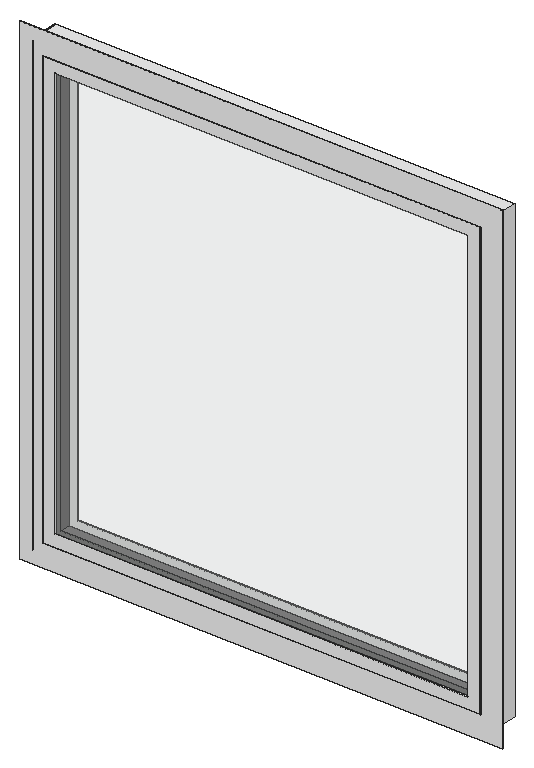
Revit family "Casement_38_C_Side_Hung_Standard", category Windows, host Wall, Revit 2014
Parameters (values of type "Casement_Sash_DG")
  Width Sash [instance] = 30 mm
  Width Sash Inner = 15 mm
  Width Bead = 15 mm
  Top Hung [instance] = yes
  Side Hung Right [instance] = yes
  Side Hung Left [instance] = yes
  Sash Opening Width [instance] = 600 mm
  Sash Opening Height [instance] = 600.312 mm
  Sash Lip = 15 mm
  Glazing Material [instance] = Glass
  DG Start Piece 2 [instance] = DG End Piece 1 + DG Gasket Thickness  # 25 mm
  DG Start Peice 1 [instance] = (Depth Sash - (2 * DG Glazing Thickness) - DG Gasket Thickness) / 2  # 6.6 mm
  Glazing Offset = 5 mm
  DG Glazing Thickness [instance] = 6.4 mm
  DG Gasket Thickness = 12 mm  # constant formula
  DG Gasket Material [instance] = Double Glazing Gasket Material
  DG End Piece 2 [instance] = DG Start Piece 2 + DG Glazing Thickness  # 31.4 mm
  DG End Piece 1 [instance] = DG Start Peice 1 + DG Glazing Thickness  # 13 mm
  Depth Sash [instance] = 38 mm
  Center Vertical Sash [instance] = Sash Opening Height / 2  # 300.156 mm
  Center Horizontal Sash [instance] = Sash Opening Width / 2  # 300 mm
  Bottom Hung [instance] = yes
  Bead Offset = 15 mm
  Aluminium Thickness = 1 mm
  Aluminium Material [instance] = White Powder Coated Aluminium
Reference planes
  plane 1 "Center (Front/Back)": y = 0
  plane 2: z = 0
  plane 3 "Center (Left/Right)": x = 0
Forms (mm)
  Sweep 1, solid, material "White Powder Coated Aluminium" <- "Aluminium Material"
    path origin (16.177, 0, 121.331) x (1, 0, 0) y (0, 0, 1)
      loop
        line (0, 0) -> (600, 0) -> (600, 600.312) -> (0, 600.312) -> (0, 0)
    profile origin (316.177, 0, 121.331) x (0, 0, 1) y (0, -1, 0)
      loop
        line (0, 0) -> (30, 0) -> (30, 1) -> (15, 1) -> (15, 38) -> (-15, 38) -> (-15, 37) -> (0, 37) -> (0, 0)
      loop
        line (14, 1) -> (14, 37) -> (1, 37) -> (1, 1) -> (14, 1)
  Sweep 2, solid, material "White Powder Coated Aluminium" <- "Aluminium Material"
    path origin (0, 0, 0) x (1, 0, 0) y (0, 0, 1)
      loop
        line (31.177, 706.643) -> (31.177, 136.331) -> (601.177, 136.331) -> (601.177, 706.643) -> (31.177, 706.643)
    profile origin (316.177, 0, 706.643) x (0, 0, 1) y (0, -1, 0)
      loop
        line (0, 37) -> (0, 38) -> (-15, 38) -> (-15, 37) -> (0, 37)
  Extrusion 3, solid, material "Glass" <- "Glazing Material"
    sketch origin (0, 0, 0) x (1, 0, 0) y (0, 0, 1)
      loop
        line (36.177, 701.643) -> (36.177, 141.331) -> (596.177, 141.331) -> (596.177, 701.643) -> (36.177, 701.643)
    from 6.6 <- "DG Start Peice 1" to 13 <- "DG End Piece 1"
  Extrusion 4, solid, material "Glass" <- "Glazing Material"
    sketch origin (0, 0, 0) x (1, 0, 0) y (0, 0, 1)
      loop
        line (36.177, 701.643) -> (36.177, 141.331) -> (596.177, 141.331) -> (596.177, 701.643) -> (36.177, 701.643)
    from 31.4 <- "DG End Piece 2" to 25 <- "DG Start Piece 2"
  Sweep 5, solid, material "Double Glazing Gasket Material" <- "DG Gasket Material"
    path origin (0, -13, 0) x (1, 0, 0) y (0, 0, 1)
      loop
        line (36.177, 701.643) -> (36.177, 141.331) -> (596.177, 141.331) -> (596.177, 701.643) -> (36.177, 701.643)
    profile origin (316.177, -13, 701.643) x (0, 0, 1) y (0, -1, 0)
      loop
        line (0, 0) -> (0, 12) -> (-7.96, 12) -> (-7.96, 0) -> (0, 0)
Lines and regions (mm)
  model lines
    curve 1: line (1.177, -38, 736.643) -> (31.177, -38, 706.643)
    curve 2: line (601.177, -38, 706.643) -> (631.177, -38, 736.643)
    curve 3: line (601.177, -38, 136.331) -> (631.177, -38, 106.331)
    curve 4: line (1.177, -38, 106.331) -> (31.177, -38, 136.331)
    curve 5: line (631.177, -37, 736.643) -> (616.177, -37, 721.643)
    curve 6: line (1.177, -37, 736.643) -> (16.177, -37, 721.643)
    curve 7: line (1.177, -37, 106.331) -> (16.177, -37, 121.331)
    curve 8: line (631.177, -37, 106.331) -> (616.177, -37, 121.331)
    curve 9: line (616.177, 0, 121.331) -> (586.177, 0, 151.331)
    curve 10: line (46.177, 0, 151.331) -> (16.177, 0, 121.331)
    curve 11: line (616.177, 0, 721.643) -> (586.177, 0, 691.643)
    curve 12: line (46.177, 0, 691.643) -> (16.177, 0, 721.643)
    curve 13: line (31.177, -38, 691.643) -> (46.177, -38, 691.643)
    curve 14: line (586.177, -38, 691.643) -> (601.177, -38, 691.643)
    curve 15: line (586.177, -38, 151.331) -> (601.177, -38, 151.331)
    curve 16: line (31.177, -38, 151.331) -> (46.177, -38, 151.331)
  model lines, style "GenericModelHiddenLines", visible <- "Top Hung"
    curve 17: line (46.386, -31.4, 690.914) -> (316.177, -31.4, 151.331)
    curve 18: line (316.177, -31.4, 151.331) -> (586.177, -31.4, 691.331)
  model lines, style "GenericModelHiddenLines", visible <- "Bottom Hung"
    curve 19: line (46.177, -31.4, 151.331) -> (316.177, -31.4, 691.331)
    curve 20: line (316.177, -31.4, 691.331) -> (586.177, -31.4, 151.331)
  model lines, style "GenericModelHiddenLines", visible <- "Side Hung Left"
    curve 21: line (46.386, -31.4, 690.914) -> (585.24, -31.4, 421.487)
    curve 22: line (585.24, -31.4, 421.487) -> (46.177, -31.4, 151.331)
  model lines, style "GenericModelHiddenLines", visible <- "Side Hung Right"
    curve 23: line (586.177, -31.4, 691.331) -> (46.177, -31.4, 421.487)
    curve 24: line (46.177, -31.4, 421.487) -> (586.177, -31.4, 151.331)
Dimensions and locks
  "Aluminium Thickness": Sweep 1 sketch curve to Sweep 1 sketch curve  (x4)
  "Depth Sash": Sweep 1 sketch curve to Sweep 1 sketch curve
  "Sash Opening Width": Sweep 1 to Sweep 1
  "Sash Opening Height": Sweep 1 to Sweep 1
  "Width Sash": Sweep 1 sketch curve to Sweep 1 sketch curve  (x2)
  "Width Sash Inner": Sweep 1 sketch curve to Sweep 1 sketch curve
  "Sash Lip": Sweep 1 sketch curve to Sweep 1 sketch curve
  "Aluminium Thickness": Sweep 1 to Sweep 2 sketch curve
  "Glazing Offset": Sweep 2 to Extrusion 3 sketch curve  (x3)
  "Glazing Offset": Extrusion 3 sketch curve to Sweep 2
  Sweep 1 to Sweep 1 = 1 mm
  "Aluminium Thickness": Sweep 2 sketch curve to Sweep 2 sketch curve
  "Width Bead": Sweep 2 sketch curve to Sweep 2 sketch curve
  locked: Sweep 5 sketch curve to Sweep 5 sketch curve at 7.96
  "Center Horizontal Sash": Sweep 1 to curve 18
  "Center Horizontal Sash": Sweep 1 to curve 20
  "Center Vertical Sash": Sweep 1 to curve 22
  "Center Vertical Sash": Sweep 1 to curve 24
  aligned and locked: level to plane 2
  aligned and locked: Sweep 1 sketch curve to Sweep 1 sketch curve  (x2)
  aligned and locked: Sweep 2 sketch curve to Sweep 1  (x5)
  aligned and locked: Extrusion 4 sketch curve to Extrusion 3  (x4)
  aligned and locked: Sweep 5 sketch curve to Extrusion 3  (x5)
  aligned and locked: Extrusion 3 to Sweep 5 sketch curve
Automatic sketch dimensions
  plane 3 "Center (Left/Right)" to Sweep 1 sketch curve = 16.177 mm
  level to Sweep 1 sketch curve = 121.331 mm
  plane 3 "Center (Left/Right)" to Sweep 1 sketch curve = 616.177 mm
  level to Sweep 1 sketch curve = 721.643 mm
  profile plane to Sweep 5 sketch curve = 12 mm
  curve 7 to Sweep 1 = 0 mm  (x4)
  curve 6 to Sweep 1 = 0 mm  (x3)
  Sweep 1 to curve 6 = 0 mm
  curve 5 to Sweep 1 = 0 mm  (x3)
  curve 8 to Sweep 1 = 0 mm  (x4)
  Sweep 1 to curve 5 = 0 mm
  curve 16 to Sweep 2 = 0 mm  (x3)
  curve 13 to Sweep 2 = 0 mm  (x3)
  curve 15 to Sweep 2 = 0 mm
  Sweep 2 to curve 15 = 0 mm  (x2)
  curve 14 to Sweep 2 = 0 mm  (x2)
  Sweep 2 to curve 14 = 0 mm
  curve 1 to Sweep 1 = 0 mm  (x4)
  curve 4 to Sweep 1 = 0 mm  (x3)
  Sweep 1 to curve 4 = 0 mm
  curve 3 to Sweep 1 = 0 mm  (x3)
  curve 2 to Sweep 1 = 0 mm  (x4)
  Sweep 1 to curve 3 = 0 mm
  curve 10 to Sweep 1 = 0 mm  (x4)
  curve 12 to Sweep 1 = 0 mm  (x3)
  Sweep 1 to curve 12 = 0 mm
  curve 9 to Sweep 1 = 0 mm  (x4)
  curve 11 to Sweep 1 = 0 mm  (x3)
  Sweep 1 to curve 11 = 0 mm
  Sweep 1 sketch curve to plane 1 "Center (Front/Back)" = 0 mm
  profile plane to Sweep 1 sketch curve = 0 mm
  curve 21 to Extrusion 4 = 10.208 mm
  curve 19 to Extrusion 4 = 10 mm
  curve 23 to Extrusion 4 = 10 mm  (x2)
  curve 22 to Extrusion 4 = 10.937 mm
  curve 20 to Extrusion 4 = 10 mm
  curve 24 to Extrusion 4 = 10 mm
  curve 22 to Extrusion 4 = 10 mm
  curve 18 to Extrusion 4 = 10 mm
  curve 21 to Extrusion 4 = 10.729 mm
  curve 19 to Extrusion 4 = 10.312 mm
  curve 18 to Extrusion 4 = 10.312 mm
Types in the file's own list only (12): name | Windload Design | Width Sash Right Opening | Width Sash Right | Width Sash Left Opening | Width Sash Left | Width Profile | Width Fixed Panel Center | Width | URL | Standard Mullion Different | Offset Window Exterior | Offset Mullion Right Side | Max System DG Unit Thickness | Max System DG One Piece Thickness | Max Pane Area | Intruderprufe U Value | Intruderprufe SHGC Value | Intruderprufe LowE U Value | Intruderprufe LowE SHGC Value | Intruderprufe Insulated U Value | Intruderprufe Insulated SHGC Value | Intruderprufe Insulated LowE U Value | Intruderprufe Insulated LowE SHGC Value | Height Sash Opening | Height | Energy Advantage U Value | Energy Advantage SHGC Value | DG Thickness Calc | Custom Window Width | Custom Window Height | Window Exterior Offset | Custom Windload | Custom Sash Right Width | Custom Sash Left Width | Sash Height | Side Hung Right | Sash Spacing Inner | Sash Overlap | Sash Center Offset | SG Gasket Thickness | Offset Sash Side | Offset Sash Top | Offset Fixed Panel Left | Offset Mullion Left Side | Offset Bead Center Reversed | Model | Manufacturer | Limit Window Width Min | Limit Window Width Max | Limit Window Height Min | Limit Window Height Max | Limit Sash Width Min | Limit Sash Width Max | Limit Sash Height Min | Limit Sash Height Max | Limit Fixed Pane Width Min | Limit Fixed Pane Width Max | Length Mullion | Height Sash | Height Fixed Panel Center | Description | Depth Mullion | Frame Center Offset | Depth Bead | Default Sill Height | Wall Closure | DG Gasket Finish | DG Extrusion Start | Mullion Depth Windload Based | Corrected Mullion Size | Clearvue SHGC Value | Clearvue Insulated U Value | Clearvue Insulated SHGC Value | Clearvue Insulated LowE U Value | Clearvue Insulated LowE SHGC Value | Casement Dimension | Bead SG Gap | Area Pane Right | Area Pane Middle | Area Pane Left
  38-1809SS-1000Pa | 1000 mm | 524 mm | 554 mm | 524 mm | 554 mm | 30 mm | 590 mm | 1790 mm | "http://www.crealco.co.za/crealco-products.php" | 0 mm | 19 mm | 570 mm | 25 mm | 6 mm | 0.48 m² | 6.08 | 0.599 | 4.55 | 0.518 | 3.9 | 0.5 | 3.4 | 0.456 | 844 mm | 890 mm | 4.67 | 0.554 | 4 mm | 1790 mm | 890 mm | 0 mm | 1000 mm | 554 mm | 554 mm | 845 mm | No | 8 mm | 7 mm | 16 mm | 6 mm | 23 mm | 23 mm | 600 mm | 570 mm | 19 mm | "Casement 38" | "Crealco" | 1400 mm | 2700 mm | 346 mm | 1546 mm | 300 mm | 700 mm | 300 mm | 1500 mm | 200 mm | 1500 mm | 890 mm | 814 mm | 830 mm | "Window 38mm, Type C side hung" | 39 mm | 19 mm | 24 mm | 800 mm | By host | Double Glazing Gasket Material | 9 mm | 39 mm | 0 mm | 0.617 | 4 | 0.541 | 3.48 | 0.492 | 38 mm | 13 mm | 0.35 m² | 0.48 m² | 0.35 m²
  38-1809SS-1500Pa | 1500 mm | 524 mm | 554 mm | 524 mm | 554 mm | 30 mm | 590 mm | 1790 mm | "http://www.crealco.co.za/crealco-products.php" | 0 mm | 19 mm | 570 mm | 25 mm | 6 mm | 0.48 m² | 6.08 | 0.599 | 4.55 | 0.518 | 3.9 | 0.5 | 3.4 | 0.456 | 844 mm | 890 mm | 4.67 | 0.554 | 4 mm | 1790 mm | 890 mm | 0 mm | 1500 mm | 554 mm | 554 mm | 845 mm | No | 8 mm | 7 mm | 16 mm | 6 mm | 23 mm | 23 mm | 600 mm | 570 mm | 19 mm | "Casement 38" | "Crealco" | 1400 mm | 2700 mm | 346 mm | 1546 mm | 300 mm | 700 mm | 300 mm | 1500 mm | 200 mm | 1500 mm | 890 mm | 814 mm | 830 mm | "Window 38mm, Type C side hung" | 39 mm | 19 mm | 24 mm | 800 mm | By host | Double Glazing Gasket Material | 9 mm | 39 mm | 0 mm | 0.617 | 4 | 0.541 | 3.48 | 0.492 | 38 mm | 13 mm | 0.35 m² | 0.48 m² | 0.35 m²
  38-1809SS-2000Pa | 2000 mm | 524 mm | 554 mm | 524 mm | 554 mm | 30 mm | 590 mm | 1790 mm | "http://www.crealco.co.za/crealco-products.php" | 0 mm | 19 mm | 570 mm | 25 mm | 6 mm | 0.48 m² | 6.08 | 0.599 | 4.55 | 0.518 | 3.9 | 0.5 | 3.4 | 0.456 | 844 mm | 890 mm | 4.67 | 0.554 | 4 mm | 1790 mm | 890 mm | 0 mm | 2000 mm | 554 mm | 554 mm | 845 mm | No | 8 mm | 7 mm | 16 mm | 6 mm | 23 mm | 23 mm | 600 mm | 570 mm | 19 mm | "Casement 38" | "Crealco" | 1400 mm | 2700 mm | 346 mm | 1546 mm | 300 mm | 700 mm | 300 mm | 1500 mm | 200 mm | 1500 mm | 890 mm | 814 mm | 830 mm | "Window 38mm, Type C side hung" | 39 mm | 19 mm | 24 mm | 800 mm | By host | Double Glazing Gasket Material | 9 mm | 39 mm | 0 mm | 0.617 | 4 | 0.541 | 3.48 | 0.492 | 38 mm | 13 mm | 0.35 m² | 0.48 m² | 0.35 m²
  38-2409SS-1000Pa | 1000 mm | 524 mm | 554 mm | 524 mm | 554 mm | 30 mm | 1190 mm | 2390 mm | "http://www.crealco.co.za/crealco-products.php" | 0 mm | 19 mm | 570 mm | 25 mm | 6 mm | 0.97 m² | 6.02 | 0.629 | 4.4 | 0.548 | 3.71 | 0.531 | 3.16 | 0.482 | 844 mm | 890 mm | 4.51 | 0.586 | 4 mm | 2390 mm | 890 mm | 0 mm | 1000 mm | 554 mm | 554 mm | 845 mm | No | 8 mm | 7 mm | 16 mm | 6 mm | 23 mm | 23 mm | 600 mm | 570 mm | 19 mm | "Casement 38" | "Crealco" | 1400 mm | 2700 mm | 346 mm | 1546 mm | 300 mm | 700 mm | 300 mm | 1500 mm | 200 mm | 1500 mm | 890 mm | 814 mm | 830 mm | "Window 38mm, Type C side hung" | 39 mm | 19 mm | 24 mm | 800 mm | By host | Double Glazing Gasket Material | 9 mm | 39 mm | 0 mm | 0.654 | 3.8 | 0.573 | 3.23 | 0.522 | 38 mm | 13 mm | 0.35 m² | 0.97 m² | 0.35 m²
  38-2409SS-1500Pa | 1500 mm | 524 mm | 554 mm | 524 mm | 554 mm | 30 mm | 1190 mm | 2390 mm | "http://www.crealco.co.za/crealco-products.php" | 0 mm | 19 mm | 570 mm | 25 mm | 6 mm | 0.97 m² | 6.02 | 0.629 | 4.4 | 0.548 | 3.71 | 0.531 | 3.16 | 0.482 | 844 mm | 890 mm | 4.51 | 0.586 | 4 mm | 2390 mm | 890 mm | 0 mm | 1500 mm | 554 mm | 554 mm | 845 mm | No | 8 mm | 7 mm | 16 mm | 6 mm | 23 mm | 23 mm | 600 mm | 570 mm | 19 mm | "Casement 38" | "Crealco" | 1400 mm | 2700 mm | 346 mm | 1546 mm | 300 mm | 700 mm | 300 mm | 1500 mm | 200 mm | 1500 mm | 890 mm | 814 mm | 830 mm | "Window 38mm, Type C side hung" | 39 mm | 19 mm | 24 mm | 800 mm | By host | Double Glazing Gasket Material | 9 mm | 39 mm | 0 mm | 0.654 | 3.8 | 0.573 | 3.23 | 0.522 | 38 mm | 13 mm | 0.35 m² | 0.97 m² | 0.35 m²
  38-2409SS-2000Pa | 2000 mm | 524 mm | 554 mm | 524 mm | 554 mm | 30 mm | 1190 mm | 2390 mm | "http://www.crealco.co.za/crealco-products.php" | 0 mm | 19 mm | 570 mm | 25 mm | 6 mm | 0.97 m² | 6.02 | 0.629 | 4.4 | 0.548 | 3.71 | 0.531 | 3.16 | 0.482 | 844 mm | 890 mm | 4.51 | 0.586 | 4 mm | 2390 mm | 890 mm | 0 mm | 2000 mm | 554 mm | 554 mm | 845 mm | No | 8 mm | 7 mm | 16 mm | 6 mm | 23 mm | 23 mm | 600 mm | 570 mm | 19 mm | "Casement 38" | "Crealco" | 1400 mm | 2700 mm | 346 mm | 1546 mm | 300 mm | 700 mm | 300 mm | 1500 mm | 200 mm | 1500 mm | 890 mm | 814 mm | 830 mm | "Window 38mm, Type C side hung" | 39 mm | 19 mm | 24 mm | 800 mm | By host | Double Glazing Gasket Material | 9 mm | 39 mm | 0 mm | 0.654 | 3.8 | 0.573 | 3.23 | 0.522 | 38 mm | 13 mm | 0.35 m² | 0.97 m² | 0.35 m²
  38-1812SS-1000Pa | 1000 mm | 524 mm | 554 mm | 524 mm | 554 mm | 30 mm | 590 mm | 1790 mm | "http://www.crealco.co.za/crealco-products.php" | 0 mm | 19 mm | 570 mm | 25 mm | 6 mm | 0.65 m² | 6.06 | 0.621 | 4.47 | 0.537 | 3.79 | 0.519 | 3.26 | 0.472 | 1144 mm | 1190 mm | 4.58 | 0.575 | 4 mm | 1790 mm | 1190 mm | 0 mm | 1000 mm | 554 mm | 554 mm | 1145 mm | No | 8 mm | 7 mm | 16 mm | 6 mm | 23 mm | 23 mm | 600 mm | 570 mm | 19 mm | "Casement 38" | "Crealco" | 1400 mm | 2700 mm | 346 mm | 1546 mm | 300 mm | 700 mm | 300 mm | 1500 mm | 200 mm | 1500 mm | 1190 mm | 1114 mm | 1130 mm | "Window 38mm, Type C side hung" | 39 mm | 19 mm | 24 mm | 800 mm | By host | Double Glazing Gasket Material | 9 mm | 39 mm | 0 mm | 0.641 | 3.88 | 0.561 | 3.34 | 0.511 | 38 mm | 13 mm | 0.49 m² | 0.65 m² | 0.49 m²
  38-1812SS-1500Pa | 1500 mm | 524 mm | 554 mm | 524 mm | 554 mm | 30 mm | 590 mm | 1790 mm | "http://www.crealco.co.za/crealco-products.php" | 0 mm | 19 mm | 570 mm | 25 mm | 6 mm | 0.65 m² | 6.06 | 0.621 | 4.47 | 0.537 | 3.79 | 0.519 | 3.26 | 0.472 | 1144 mm | 1190 mm | 4.58 | 0.575 | 4 mm | 1790 mm | 1190 mm | 0 mm | 1500 mm | 554 mm | 554 mm | 1145 mm | No | 8 mm | 7 mm | 16 mm | 6 mm | 23 mm | 23 mm | 600 mm | 570 mm | 19 mm | "Casement 38" | "Crealco" | 1400 mm | 2700 mm | 346 mm | 1546 mm | 300 mm | 700 mm | 300 mm | 1500 mm | 200 mm | 1500 mm | 1190 mm | 1114 mm | 1130 mm | "Window 38mm, Type C side hung" | 39 mm | 19 mm | 24 mm | 800 mm | By host | Double Glazing Gasket Material | 9 mm | 39 mm | 0 mm | 0.641 | 3.88 | 0.561 | 3.34 | 0.511 | 38 mm | 13 mm | 0.49 m² | 0.65 m² | 0.49 m²
  38-1812SS-2000Pa | 2000 mm | 524 mm | 554 mm | 524 mm | 554 mm | 30 mm | 590 mm | 1790 mm | "http://www.crealco.co.za/crealco-products.php" | 1 mm | 19 mm | 570 mm | 25 mm | 6 mm | 0.65 m² | 6.06 | 0.621 | 4.47 | 0.537 | 3.79 | 0.519 | 3.26 | 0.472 | 1144 mm | 1190 mm | 4.58 | 0.575 | 4 mm | 1790 mm | 1190 mm | 0 mm | 2000 mm | 554 mm | 554 mm | 1145 mm | No | 8 mm | 7 mm | 16 mm | 6 mm | 23 mm | 23 mm | 600 mm | 570 mm | 19 mm | "Casement 38" | "Crealco" | 1400 mm | 2700 mm | 346 mm | 1546 mm | 300 mm | 700 mm | 300 mm | 1500 mm | 200 mm | 1500 mm | 1190 mm | 1114 mm | 1130 mm | "Window 38mm, Type C side hung" | 39 mm | 19 mm | 24 mm | 800 mm | By host | Double Glazing Gasket Material | 9 mm | 39 mm | 39 mm | 0.641 | 3.88 | 0.561 | 3.34 | 0.511 | 38 mm | 13 mm | 0.49 m² | 0.65 m² | 0.49 m²
  38-2412SS-1000Pa | 1000 mm | 524 mm | 554 mm | 524 mm | 554 mm | 30 mm | 1190 mm | 2390 mm | "http://www.crealco.co.za/crealco-products.php" | 0 mm | 19 mm | 570 mm | 25 mm | 6 mm | 1.32 m² | 6 | 0.651 | 4.32 | 0.566 | 3.59 | 0.549 | 3.02 | 0.498 | 1144 mm | 1190 mm | 4.42 | 0.606 | 4 mm | 2390 mm | 1190 mm | 0 mm | 1000 mm | 554 mm | 554 mm | 1145 mm | No | 8 mm | 7 mm | 16 mm | 6 mm | 23 mm | 23 mm | 600 mm | 570 mm | 19 mm | "Casement 38" | "Crealco" | 1400 mm | 2700 mm | 346 mm | 1546 mm | 300 mm | 700 mm | 300 mm | 1500 mm | 200 mm | 1500 mm | 1190 mm | 1114 mm | 1130 mm | "Window 38mm, Type C side hung" | 39 mm | 19 mm | 24 mm | 800 mm | By host | Double Glazing Gasket Material | 9 mm | 39 mm | 0 mm | 0.677 | 3.68 | 0.594 | 3.09 | 0.54 | 38 mm | 13 mm | 0.49 m² | 1.32 m² | 0.49 m²
  38-2412SS-1500Pa | 1500 mm | 524 mm | 554 mm | 524 mm | 554 mm | 30 mm | 1190 mm | 2390 mm | "http://www.crealco.co.za/crealco-products.php" | 0 mm | 19 mm | 570 mm | 25 mm | 6 mm | 1.32 m² | 6 | 0.651 | 4.32 | 0.566 | 3.59 | 0.549 | 3.02 | 0.498 | 1144 mm | 1190 mm | 4.42 | 0.606 | 4 mm | 2390 mm | 1190 mm | 0 mm | 1500 mm | 554 mm | 554 mm | 1145 mm | No | 8 mm | 7 mm | 16 mm | 6 mm | 23 mm | 23 mm | 600 mm | 570 mm | 19 mm | "Casement 38" | "Crealco" | 1400 mm | 2700 mm | 346 mm | 1546 mm | 300 mm | 700 mm | 300 mm | 1500 mm | 200 mm | 1500 mm | 1190 mm | 1114 mm | 1130 mm | "Window 38mm, Type C side hung" | 39 mm | 19 mm | 24 mm | 800 mm | By host | Double Glazing Gasket Material | 9 mm | 39 mm | 0 mm | 0.677 | 3.68 | 0.594 | 3.09 | 0.54 | 38 mm | 13 mm | 0.49 m² | 1.32 m² | 0.49 m²
  38-2412SS-2000Pa | 2000 mm | 524 mm | 554 mm | 524 mm | 554 mm | 30 mm | 1190 mm | 2390 mm | "http://www.crealco.co.za/crealco-products.php" | 0 mm | 19 mm | 570 mm | 25 mm | 6 mm | 1.32 m² | 6.02 | 0.638 | 4.39 | 0.568 | 3.65 | 0.552 | 3.08 | 0.5 | 1144 mm | 1190 mm | 4.49 | 0.605 | 4 mm | 2390 mm | 1190 mm | 0 mm | 2000 mm | 554 mm | 554 mm | 1145 mm | No | 8 mm | 7 mm | 16 mm | 6 mm | 23 mm | 23 mm | 600 mm | 570 mm | 19 mm | "Casement 38" | "Crealco" | 1400 mm | 2700 mm | 346 mm | 1546 mm | 300 mm | 700 mm | 300 mm | 1500 mm | 200 mm | 1500 mm | 1190 mm | 1114 mm | 1130 mm | "Window 38mm, Type C side hung" | 39 mm | 19 mm | 24 mm | 800 mm | By host | Double Glazing Gasket Material | 9 mm | 54 mm | 0 mm | 0.676 | 3.74 | 0.594 | 3.15 | 0.541 | 38 mm | 13 mm | 0.49 m² | 1.32 m² | 0.49 m²
